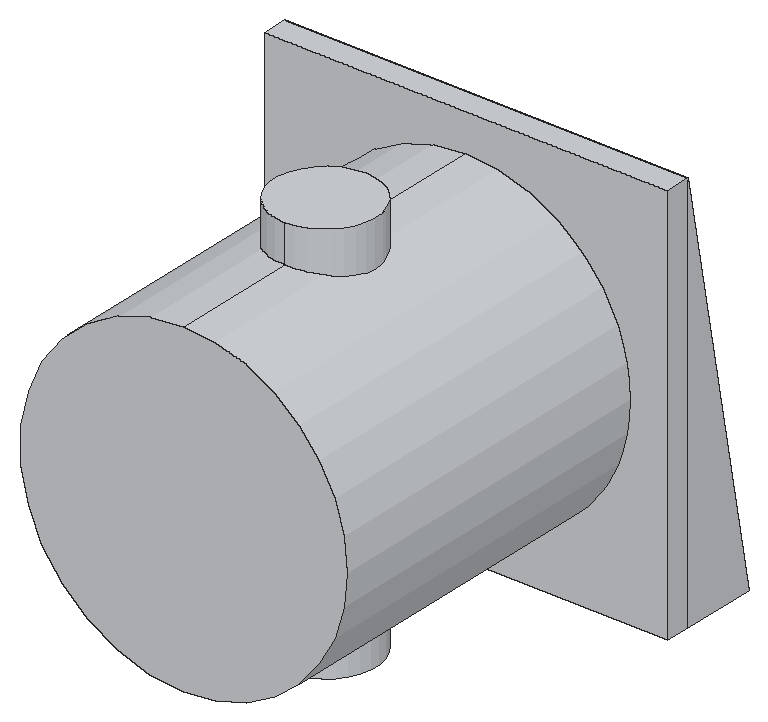
Revit family "DG_Datendose 3-fach_V1700", category Datengeräte, Revit 2017
Family settings
  Beschriftungsausrichtung beibehalten = Ja
  Bemaßung runder Anschluss = Durchmesser verwenden
  Teiletyp = Normal
  OmniClass-Nummer = 23.85.50.17.11
  OmniClass-Titel = Computer Network Equipment
  Arbeitsebenenbasiert = Nein
  Immer vertikal = Ja
  Beim Laden mit Abzugskörper schneiden = Ja
  Gemeinsam genutzt = Nein
  Raumberechnungspunkt = Nein
Parameters (values of type "EDV")
  pbr_Material_KZ = ""
  pbr_Material = none
  pbr_E_Typ = ""
  pbr_E_KZ = ""
  pbr_DINBild = 0
  pbr_Bild = 0
  pbr_3Dx_Delta_Korrekturversatz [instance] = 0 mm
  pbr_3DX_Versatzfaktor [instance] = 0
  pbr_2DY_Versatzfaktor [instance] = 0
  pbr_2DX_Versatzfaktor [instance] = 0
  lfd_STRK [instance] = 0
  cpiFitMatchKey [instance] = "KK  EDVD2f"
  Winkel [instance] = 0.00°
  Typ [instance] = ""
  Text3 [instance] = ""
  Text2 [instance] = ""
  Text1 [instance] = ""
  RJ45 Datendreifachdose = yes
  Port2 [instance] = ""
  Port1 [instance] = ""
  Planungsbüro Rohling = ""
  Patchfeld [instance] = ""
  Netzart = ""
  Menge(Dosenzahl) [instance] = 0
  Linie/Anschluss [instance] = ""
  Linie [instance] = ""
  Installationsart = ""
  Info [instance] = ""
  Gewerk [instance] = "EDV"
  Bus [instance] = ""
  Breite [instance] = 80 mm
  Betriebsstrom ruhe [instance] = 0
  Betriebsstrom max [instance] = 0
  Eckversatz [instance] = 0 mm
  YFrontversatz [instance] = if(pbr_2DY_Versatzfaktor = 300, 0 mm, pbr_2DY_Versatzfaktor * 300 mm)  # 0 mm
  XSeitenversatz [instance] = if(pbr_2DX_Versatzfaktor = 0, 3000 mm, 3000 mm + (pbr_2DX_Versatzfaktor * 300 mm)) + Eckversatz  # 3000 mm
  X3Dversatz [instance] = if([3DX_Versatzkontrolle] = 0, 2000 mm, 2000 mm + ([3DX_Versatzkontrolle] * (300 mm - Breite))) + pbr_3Dx_Delta_Korrekturversatz  # 2000 mm
  Steckdosenradius = 20 mm
  Spannung = 230 V
  R_Leerrohranschluss = 10 mm
  Niveau [instance] = 300 mm
  Lastklassifizierung = Anschlussbuchse
  Dosentiefe = 70 mm  # constant formula
  Dosenradius = 65 mm / 2  # 32.5 mm
  D_Leerrohranschluss = 2 * R_Leerrohranschluss  # 20 mm
  3DX_Versatzkontrolle [instance] = if(pbr_3DX_Versatzfaktor = 0, (pbr_2DX_Versatzfaktor * -1), (((-1 * pbr_3DX_Versatzfaktor) + pbr_2DX_Versatzfaktor) * -1))  # 0
Reference planes
  plane 1 "Mitte (Vorne/Hinten)": y = 0
  plane 2: z = 0
  plane 3 "Mitte (Links/Rechts)": x = 0
  plane 4: x = -125
  plane 5: x = 125
  plane 6: y = 300
  plane 7 "Schalterhinten": y = 0
  plane 8: x = -3000
  plane 9: x = 0
  plane 10: x = -2000
  plane 11: x = -40
  plane 12: x = 40
  plane 13: z = 340
  plane 14: z = 260
  plane 15 "SchalterVorne": y = 5
  plane 16 "3DSchalterMitte": x = 0
  plane 17 "Achse": z = 300
  plane 18: y = -70
  plane 19: y = -35
  plane 20: z = 320
  plane 21: z = 280
  plane 22 "EDV01": x = -20
  plane 23 "EDV2": x = 20
  plane 24: y = 225
  plane 25: y = 12.5
Forms (mm)
  Extrusion 1, solid
    sketch origin (0, 20, 0) x (0, 0, 1) y (-1, 0, 0)
      loop
        line (260, 40) -> (260, -40) -> (340, -40) -> (340, 40) -> (260, 40)
    from 15 to 20
  Sweep 2, solid
    path origin (0, 0, 0) x (0, 0, 1) y (0, -1, 0)
      loop
        line (300, 0) -> (300, 70)
    profile origin (0, -35, 300) x (0, 0, -1) y (1, 0, 0)
      loop
        circle (0, 0) r 32.5
  Sweep 3, solid
    path origin (0, 0, 0) x (0, 0, 1) y (0, -1, 0)
      loop
        line (260, 35) -> (340, 35)
    profile origin (0, -35, 300) x (0, -1, 0) y (1, 0, 0)
      loop
        circle (0, 0) r 10
  Extrusion 4, solid
    sketch origin (0, 0, 0) x (0, 1, 0) y (0, 0, 1)
      loop
        line (5, 260) -> (20, 260) -> (5, 340) -> (5, 260)
    from -40 to 40
  Extrusion 5, void
    sketch origin (0, 0, 0) x (1, 0, 0) y (0, 1, 0)
      loop
        circle (-20, 12.5) r 5
      loop
        circle (20, 12.5) r 5
    from 260 to 270
Cuts and joins
  joined: Extrusion 1, Sweep 2, Sweep 3
  Extrusion 5 cuts Extrusion 4
Lines and regions (mm)
  model lines, not visible
    curve 1: line (-125, 0, 0) -> (125, 0, 0)
    curve 2: line (-125, 300, 0) -> (-125, 0, 0)
    curve 3: line (125, 300, 0) -> (-125, 300, 0)
    curve 4: line (125, 0, 0) -> (125, 300, 0)
Dimensions and locks
  plane 4 to plane 5 = 250 mm
  plane 6 to plane 7 "Schalterhinten" = 300 mm
  equal spacing: plane 4, plane 9, plane 5, locked at 125 each
  "XSeitenversatz": plane 8 to plane 9
  plane 8 to plane 3 "Mitte (Links/Rechts)" = 3000 mm
  "YFrontversatz": plane 1 "Mitte (Vorne/Hinten)" to plane 7 "Schalterhinten"
  plane 12 to plane 11 = 80 mm
  plane 13 to plane 14 = 80 mm
  plane 9 to plane 10 = 2000 mm
  equal spacing: plane 12, plane 16 "3DSchalterMitte", plane 11
  "X3Dversatz": plane 16 "3DSchalterMitte" to plane 10
  equal spacing: plane 13, plane 17 "Achse", plane 14
  "Niveau": plane 17 "Achse" to level
  "Dosentiefe": plane 1 "Mitte (Vorne/Hinten)" to plane 18
  plane 15 "SchalterVorne" to plane 1 "Mitte (Vorne/Hinten)" = 5 mm
  equal spacing: plane 18, plane 19, plane 1 "Mitte (Vorne/Hinten)"
  plane 13 to plane 20 = 20 mm
  plane 21 to plane 14 = 20 mm
  plane 22 "EDV01" to plane 11 = 20 mm
  plane 12 to plane 23 "EDV2" = 20 mm
  plane 24 to plane 7 "Schalterhinten" = 225 mm
  equal spacing: Extrusion 4, plane 25, Extrusion 4
  "Breite": cut or joined group of Extrusion 1, Sweep 2, Sweep 3 to cut or joined group of Extrusion 1, Sweep 2, Sweep 3
  "Dosenradius": radius of Sweep 2 sketch curve
  "R_Leerrohranschluss": radius of Sweep 3 sketch curve
  aligned and locked: level to plane 2
  aligned and locked: curve 1 to plane 7 "Schalterhinten"
  aligned and locked: curve 2 to plane 4
  aligned and locked: plane 6 to curve 3
  aligned and locked: plane 5 to curve 4
  aligned and locked: plane 14 to Extrusion 1 sketch curve
  aligned and locked: plane 11 to Extrusion 1 sketch curve
  aligned and locked: Extrusion 1 sketch curve to plane 13
  aligned and locked: Extrusion 1 sketch curve to plane 12
  aligned and locked: plane 1 "Mitte (Vorne/Hinten)" to Extrusion 1
  aligned and locked: Extrusion 1 to plane 15 "SchalterVorne"
  aligned and locked: Extrusion 4 to cut or joined group of Extrusion 1, Sweep 2, Sweep 3
  aligned and locked: Extrusion 4 to plane 11
  aligned and locked: Extrusion 4 to Extrusion 5
  aligned and locked: plane 3 "Mitte (Links/Rechts)" to nested 1
  aligned and locked: plane 1 "Mitte (Vorne/Hinten)" to nested 1
Automatic sketch dimensions
  Sweep 3 sketch curve to plane 14 = 0 mm
  plane 13 to Sweep 3 sketch curve = 0 mm
  Sweep 3 sketch curve to plane 19 = 0 mm
  Sweep 3 sketch curve to plane 16 "3DSchalterMitte" = 0 mm
  Sweep 3 sketch curve to profile plane = 0 mm
  Sweep 2 sketch curve to plane 17 "Achse" = 0 mm
  Sweep 2 sketch curve to plane 1 "Mitte (Vorne/Hinten)" = 0 mm
  Sweep 2 sketch curve to plane 18 = 0 mm
  plane 16 "3DSchalterMitte" to Sweep 2 sketch curve = 0 mm
  Sweep 2 sketch curve to profile plane = 0 mm
  plane 13 to Extrusion 4 sketch curve = 0 mm
  Extrusion 4 sketch curve to plane 15 "SchalterVorne" = 0 mm
  Extrusion 4 sketch curve to plane 14 = 0 mm
  Extrusion 4 sketch curve to plane 15 "SchalterVorne" = 15 mm
  Extrusion 5 sketch curve to plane 22 "EDV01" = 0 mm
  Extrusion 5 sketch curve to plane 23 "EDV2" = 0 mm
  Extrusion 5 sketch curve to plane 25 = 0 mm  (x2)
  radius of Extrusion 5 sketch curve = 5 mm  (x2)
Nested families
  nested 1: "RJ45 Datendreifachdose" at (0, 0, 0), visible <- "RJ45 Datendreifachdose", type "RJ45 Datendreifachdose"
Connectors
  electrical at (0, -35, 340), driven by "Spannung"
    settings: on cut or joined group of Extrusion 1, Sweep 2, Sweep 3, index 1, voltage 230 V, apparent load 0 VA, apparent load phase1 0 VA, apparent load phase2 0 VA, apparent load phase3 0 VA, power factor 1, load classification "Elektro", number of poles 1, system type 5, power factor state 1, is connector primary yes, connector utility no, sub classification motor no, connector description ""
  cabletrayconduit at (0, -35, 340), diameter 20, driven by "D_Leerrohranschluss"
    settings: on cut or joined group of Extrusion 1, Sweep 2, Sweep 3, index 2, connector width 300 mm, connector height 300 mm, connector angle 0.00°, system type 32, placement type 0, profile type 0, connector reference index -1, is primary connector yes, connector utility param no, connector description ""
  cabletrayconduit at (0, -35, 260), diameter 20, driven by "D_Leerrohranschluss"
    settings: on cut or joined group of Extrusion 1, Sweep 2, Sweep 3, index 3, connector width 300 mm, connector height 300 mm, connector angle 0.00°, system type 32, placement type 0, profile type 0, connector reference index -1, is primary connector no, connector utility param no, connector description ""
Definition of nested family "RJ45 Datendreifachdose"
  Reference planes
    plane 1 "Mitte (Vorne/Hinten)": y = 0
    plane 2: z = 0
    plane 3 "Mitte (Links/Rechts)": x = 0
  Lines and regions (mm)
    Filled region 1, type "Flächenfüllung Schwarz", in view "Referenzebene"
      outline origin (0, 0, 0) x (1, 0, 0) y (0, 1, 0)
        loop
          circle (-57.497, 251.981) r 44
        loop
          circle (0, 334.095) r 44
        loop
          circle (57.544, 251.981) r 44
    detail lines, in view "Referenzebene"
      curve 1: line (125, 282, 0) -> (125, 182, 0)
      curve 2: line (125, 182, 0) -> (-125, 182, 0)
      curve 3: line (-125, 182, 0) -> (-125, 282, 0)
      curve 4: line (0, 182, 0) -> (0, 0, 0)
